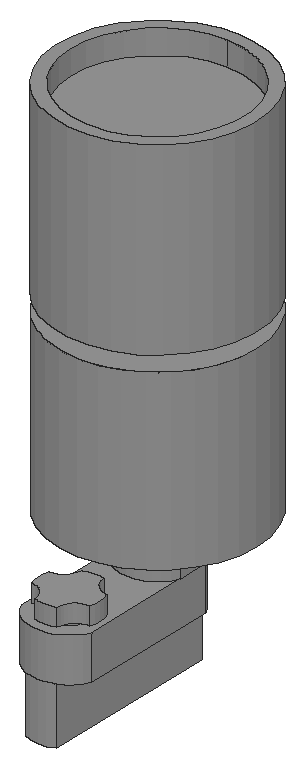
Revit family "Tinka 15W", category Lighting Fixtures, host Face, Revit 2015
Parameters (values of type "Tinka 15W, Neutral White, 230V - 53ER997N015E")
  Wattage Comments = "15W"
  Voltage = 230 V
  URL = "www.winled.fi"
  Type Image = Tinka 15W.png
  Product Number = "53ER997N015E"
  Position Number = ""
  Operating Temperature Range = "-20° to +50°C"
  Model = "Tinka 15W"
  Manufacturer = "Winled Oy Ltd"
  Luminaire Track Angle Install [instance] = if(Luminaire Track Angle Input < -160.00°, -160.00°, (if(Luminaire Track Angle Input > 160.00°, 160.00°, Luminaire Track Angle Input)))  # 0.00°
  Luminaire Track Angle Input [instance] = 0.00°
  Luminaire Angle Install [instance] = (if(Luminaire Angle Input < -90.00°, -90.00°, (if(Luminaire Angle Input > 0.00°, 0.00°, Luminaire Angle Input))))  # 0.00°
  Luminaire Angle Input [instance] = 0.00°
  Lumens Output = "1227lm"
  Light source = Tinka light NV : Tinka light NV
  Lifetime L70 = "50000h"
  Last Updated = "2.3.2017"
  Lamp = "LED"
  IP Code = "IP20"
  Housing Material = "Aluminium"
  Driver = "Integrated"
  Directivity = "Yes"
  Dimmable = "Yes"
  Dimensions = "90mm x 238mm"
  Description = "Tracklight, 3-Circuit Track"
  Depth = "-"
  Default Elevation = 1219.2 mm
  Cutout = "-"
  Color Temperature = "4000K"
  Casing Color = "White"
  CRI = "82"
  Beam Angle = "25°"
Types (3, lengths in mm): name | Product Number | Lumens Output | Light source | Color Temperature
  (no name) | "53ER997N015E" | "1227lm" | Tinka light NV : Tinka light NV | "4000K"
  Tinka 15W, Neutral White, 230V - 53ER997N015E | "53ER997N015E" | "1227lm" | Tinka light NV : Tinka light NV | "4000K"
  Tinka 15W, Warm White, 230V - 53ER997L015E | "53ER997L015E" | "1172lm" | Tinka light LV : Tinka light LV | "3000K"
Reference planes
  plane 1 "Center (Front/Back)": y = 0
  plane 2: z = 0
  plane 3 "Center (Left/Right)": x = 0
Lines and regions (mm)
  symbolic lines
    curve 1: circle (0, -0.5, 0) r 45 normal (0, 0, 1)
    curve 2: line (-31.82, -32.32, 0) -> (31.82, 31.32, 0)
    curve 3: line (-31.82, 31.32, 0) -> (31.82, -32.32, 0)
Dimensions and locks
  aligned and locked: plane 2 to host face
  aligned and locked: level to host face
Nested families
  nested 1: "Tinka 15W valaisin" at (0, -25.416, 0), Luminaire Angle <- "Luminaire Angle Install", Luminaire Track Angle <- "Luminaire Track Angle Install", type "Tinka 15W valaisin"
    with k2 45.00°, k 45.00°, Luminaire Track Angle 0.00°, Luminaire Angle 0.00°, Color none
  nested 2: "Tinka light NV" at (-0.002, -0.003, 226.961) x (0, -1, 0) z (0, 0, 1), type <- "Light source", type "Tinka light NV"
Connectors
  electrical at (0, -25.416, 0)
    settings: on nested 1, index 1, voltage 230 V, apparent load 0 VA, apparent load phase1 15 VA, apparent load phase2 0 VA, apparent load phase3 0 VA, power factor 1, load classification "Lighting", number of poles 1, system type 31, power factor state 1, is connector primary yes, connector utility no, sub classification motor no, connector description ""
Definition of nested family "Tinka 15W valaisin"
  Parameters (values of type "Tinka 15W valaisin")
    k2 [instance] = if(Luminaire Angle < -90.00°, -45.00°, (if(Luminaire Angle > 0.00°, 45.00°, Luminaire Angle + 45.00°)))  # 45.00°
    k [instance] = if(Luminaire Track Angle < -160.00°, -115.00°, (if(Luminaire Track Angle > 160.00°, 205.00°, Luminaire Track Angle + 45.00°)))  # 45.00°
    Luminaire Track Angle [instance] = 0.00°
    Luminaire Angle [instance] = 0.00°
    Color [instance] = none
  Reference planes
    plane 1 "Center (Front/Back)": y = 0
    plane 2: z = 0
    plane 3 "Center (Left/Right)": x = 0
    plane 4: z = 157.5
  Forms (mm)
    Extrusion 1, solid, material <- "Color"
      sketch origin (0, 0, 0) x (1, 0, 0) y (0, 1, 0)
        loop
          line (7, -40.992) -> (7, 40.992)
          arc (7, 40.992) -> (0, 42.416) -> (-7, 40.992) r 17.916
          line (-7, 40.992) -> (-7, -40.992)
          arc (-7, -40.992) -> (0, -42.416) -> (7, -40.992) r 17.916
      from 0 to 26
    Extrusion 2, solid, material <- "Color"
      sketch origin (0, 0, 0) x (1, 0, 0) y (0, 1, 0)
        loop
          arc (16, 32.005) -> (0, 42.416) -> (-16, 32.005) r 17.5
          line (-16, 32.005) -> (-16, -32.005)
          arc (-16, -32.005) -> (0, -42.416) -> (16, -32.005) r 17.5
          line (16, -32.005) -> (16, 32.005)
      from 46 to 26
    Extrusion 3, solid, material <- "Color"
      sketch origin (0, 0, 0) x (1, 0, 0) y (0, 1, 0)
        loop
          arc (16, 32.005) -> (0, 42.416) -> (-16, 32.005) r 17.5
          line (-16, 32.005) -> (-16, 17.828)
          arc (-16, 17.828) -> (0, 7.416) -> (16, 17.828) r 17.5
          line (16, 17.828) -> (16, 32.005)
      from 46 to 54
    Extrusion 4, solid, material <- "Color"
      sketch origin (0, 0, 0) x (1, 0, 0) y (0, 1, 0)
        loop
          circle (0, 24.916) r 13
      from 58 to 54
    Extrusion 5, solid, material <- "Color"
      sketch origin (0, 0, 0) x (1, 0, 0) y (0, 1, 0)
        loop
          circle (0, -24.916) r 10
      from 47 to 46
    Extrusion 6, solid, material <- "Color"
      sketch origin (0, 0, 0) x (1, 0, 0) y (0, 1, 0)
        loop
          arc (-13.077, -29.916) -> (-7.366, -32.282) -> (-5, -37.993) r 8.077
          arc (-5, -37.993) -> (0, -38.916) -> (5, -37.993) r 14
          arc (5, -37.993) -> (7.366, -32.282) -> (13.077, -29.916) r 8.077
          arc (13.077, -29.916) -> (14, -24.916) -> (13.077, -19.916) r 14
          arc (13.077, -19.916) -> (7.366, -17.551) -> (5, -11.84) r 8.077
          arc (5, -11.84) -> (0, -10.916) -> (-5, -11.84) r 14
          arc (-5, -11.84) -> (-7.366, -17.551) -> (-13.077, -19.916) r 8.077
          arc (-13.077, -19.916) -> (-14, -24.916) -> (-13.077, -29.916) r 14
      from 55 to 47
    Extrusion 7, solid
      sketch origin (0, 24.916, 0) x (0.707107, 0.707107, 0) y (-0.707107, 0.707107, 0)
        loop
          circle (0, 0) r 17.5
      from 66 to 58
    Extrusion 8, solid
      sketch origin (0, 24.916, 66) x (0.707107, 0.707107, 0) y (-0.707107, 0.707107, 0)
        loop
          circle (0, 0) r 45
      from 80 to 0
    Extrusion 9, solid
      sketch origin (0, 24.916, 66) x (0.707107, 0.707107, 0) y (-0.707107, 0.707107, 0)
        loop
          line (27.931, 34.295) -> (11.95, 18.314) -> (18.314, 11.95) -> (34.295, 27.931) -> (27.931, 34.295)
      from 80 to 117
  Lines and regions (mm)
    reference lines
      curve 1: line (0, 24.916, 0) -> (13, 24.916, 0)
      curve 2: line (0, 24.916, 0) -> (75.904, 100.821, 0)
      curve 3: line (4.5, 57.616, 184.651) -> (4.5, 57.616, 21.757)
      curve 4: line (4.5, 64.616, 177.651) -> (4.5, 57.616, 177.651)
      curve 5: line (4.5, 57.616, 177.651) -> (4.5, 100.043, 220.077)
  Dimensions and locks
    "k": angle curve 1 to curve 2
    "k2": angle curve 4 to curve 5
    aligned and locked: level to plane 2
    aligned and locked: plane 3 "Center (Left/Right)" to curve 1
    aligned and locked: curve 3 to curve 5
  Automatic sketch dimensions
    Extrusion 1 sketch curve to plane 3 "Center (Left/Right)" = 0 mm  (x2)
    Extrusion 1 sketch curve to plane 3 "Center (Left/Right)" = 7 mm
    plane 3 "Center (Left/Right)" to Extrusion 1 sketch curve = 7 mm
    plane 1 "Center (Front/Back)" to Extrusion 1 sketch curve = 40.992 mm
    Extrusion 1 sketch curve to Extrusion 1 sketch curve = 16.492 mm  (x2)
    Extrusion 1 sketch curve to plane 1 "Center (Front/Back)" = 24.5 mm
    Extrusion 2 sketch curve to plane 3 "Center (Left/Right)" = 0 mm  (x2)
    Extrusion 2 sketch curve to plane 3 "Center (Left/Right)" = 16 mm
    plane 3 "Center (Left/Right)" to Extrusion 2 sketch curve = 16 mm
    plane 1 "Center (Front/Back)" to Extrusion 2 sketch curve = 32.005 mm
    Extrusion 2 sketch curve to Extrusion 2 sketch curve = 7.089 mm  (x2)
    Extrusion 2 sketch curve to plane 1 "Center (Front/Back)" = 24.916 mm
    Extrusion 2 sketch curve to Extrusion 2 sketch curve = 0 mm
    Extrusion 3 sketch curve to Extrusion 3 sketch curve = 0 mm  (x3)
    Extrusion 3 sketch curve to plane 3 "Center (Left/Right)" = 0 mm
    Extrusion 3 sketch curve to plane 3 "Center (Left/Right)" = 16 mm
    plane 3 "Center (Left/Right)" to Extrusion 3 sketch curve = 16 mm
    Extrusion 3 sketch curve to plane 1 "Center (Front/Back)" = 17.828 mm
    Extrusion 3 sketch curve to Extrusion 3 sketch curve = 7.089 mm
    Extrusion 3 sketch curve to Extrusion 3 sketch curve = 14.177 mm
    Extrusion 4 sketch curve to plane 3 "Center (Left/Right)" = 0 mm
    Extrusion 4 sketch curve to plane 1 "Center (Front/Back)" = 24.916 mm
    Extrusion 5 sketch curve to plane 3 "Center (Left/Right)" = 0 mm
    plane 1 "Center (Front/Back)" to Extrusion 5 sketch curve = 24.916 mm
    Extrusion 6 sketch curve to Extrusion 6 sketch curve = 0 mm  (x13)
    Extrusion 6 sketch curve to plane 3 "Center (Left/Right)" = 0 mm
    Extrusion 6 sketch curve to plane 3 "Center (Left/Right)" = 13.077 mm  (x2)
    plane 3 "Center (Left/Right)" to Extrusion 6 sketch curve = 13.077 mm  (x2)
    plane 1 "Center (Front/Back)" to Extrusion 6 sketch curve = 37.993 mm
    Extrusion 6 sketch curve to Extrusion 6 sketch curve = 13.077 mm
    plane 1 "Center (Front/Back)" to Extrusion 6 sketch curve = 11.84 mm
    Extrusion 6 sketch curve to plane 3 "Center (Left/Right)" = 5 mm
    Extrusion 7 sketch curve to curve 2 = 0 mm  (x2)
    Extrusion 9 sketch curve to Extrusion 9 sketch curve = 6.364 mm  (x2)
    Extrusion 9 sketch curve to Extrusion 9 sketch curve = 15.981 mm
    curve 3 to curve 3 = 162.894 mm
    curve 2 to plane 1 "Center (Front/Back)" = 24.916 mm
    curve 3 to curve 5 = 7 mm
    radius of Extrusion 4 sketch curve = 13 mm
    radius of Extrusion 5 sketch curve = 10 mm
    radius of Extrusion 7 sketch curve = 17.5 mm
    radius of Extrusion 7 to Extrusion 8 sketch curve = 27.5 mm
  Nested families
    nested 1: "Family2" at (4.5, 69.916, 152.961) x (0, 0, 1) z (1, 0, 0), type "Family2"
  Definition of nested family "Family2"
    Parameters (values of type "Family2")
      Default Elevation = 1219.2 mm
    Reference planes
      plane 1 "Center (Front/Back)": y = 0
      plane 2: z = 0
      plane 3 "Center (Left/Right)": x = 0
    Forms (mm)
      Extrusion 1, solid
        sketch origin (0, 0, 0) x (1, 0, 0) y (0, 1, 0)
          loop
            line (-1219.2, 1219.2) -> (-1219.2, -1219.2) -> (1219.2, -1219.2) -> (1219.2, 1219.2) -> (-1219.2, 1219.2)
        from 0 to -304.8
      Extrusion 2, solid
        sketch origin (0, 0, 2.5) x (0, 1, 0) y (0, 0, 1)
          loop
            line (0.548, 0) -> (23.6, 0) -> (23.6, -14) -> (0.548, -14)
            arc (0.548, -14) -> (90, -7) -> (0.548, 0) r 45
        from 0 to 85
      Extrusion 3, solid
        sketch origin (0, 0, 0) x (0, 1, 0) y (0, 0, 1)
          loop
            line (24.601, -11.5) -> (24.601, 2.5) -> (0.687, 2.5) -> (0.687, 0) -> (23.6, 0) -> (23.6, -4.5) -> (23.6, -9) -> (0.687, -9) -> (0.687, -11.5) -> (24.601, -11.5)
        from 0 to 37
      Extrusion 4, solid
        sketch origin (0, 0, 0) x (0, 1, 0) y (0, 0, 1)
          loop
            line (24.601, 2.5) -> (0.548, 2.5)
            arc (0.548, 2.5) -> (0, -4.5) -> (0.548, -11.5) r 45
            line (0.548, -11.5) -> (24.601, -11.5) -> (24.601, 2.5)
        from 37 to 85
      Extrusion 5, void
        sketch origin (0, 0, 0) x (0, 1, 0) y (0, 0, 1)
          loop
            circle (45, -4.5) r 39.3
        from 74 to 85
    Cuts and joins
      Extrusion 5 cuts Extrusion 2
      Extrusion 5 cuts Extrusion 4
      joined: Extrusion 2, Extrusion 4
    Dimensions and locks
      aligned and locked: plane 2 to Extrusion 1
      aligned and locked: level to Extrusion 1
Definition of nested family "Tinka light NV"
  Parameters (values of type "Tinka light NV")
    Wattage Comments = "7W"
    Wattage = 15 W
    built-in parameter 1150110 = 1 (stored number, unit not read)
    built-in parameter 1114217 = 1 (stored number, unit not read)
    Tilt Angle = -90.00°
    built-in parameter 1150109 = 1 (stored number, unit not read)
    built-in parameter 1150134 = 12
    built-in parameter 1150113 = 1 (stored number, unit not read)
    Photometric Web File = "Tinka 15W NV.ies"
    built-in parameter 1150105 = 5690.4 (stored number, unit not read)
    Lumens = 1227 lm
    built-in parameter 1150115 = 1 (stored number, unit not read)
    built-in parameter 1150137 = (empty or 0)
    built-in parameter 1150139 = (empty or 0)
    built-in parameter 1150112 = 1 (stored number, unit not read)
    built-in parameter 1150114 = 1 (stored number, unit not read)
    Lamp = "LED"
    built-in parameter 1150132 = (empty or 0)
    built-in parameter 1150102 = (empty or 0)
    built-in parameter 1150107 = 4000 (stored number, unit not read)
    built-in parameter 1150138 = (empty or 0)
    built-in parameter 1150106 = 56.904 (stored number, unit not read)
    built-in parameter 1150104 = 7.5995 (stored number, unit not read)
    Dimming Lamp Color Temperature Shift = (empty or 0)
    Default Elevation = 1219.2 mm
    Color Filter = 16777215
    built-in parameter 1114218 = 1 (stored number, unit not read)
    built-in parameter 1150133 = 10 (stored number, unit not read)
  Reference planes
    plane 1 "Center (Front/Back)": y = 0
    plane 2: z = 0
    plane 3 "Center (Left/Right)": x = 0
  Forms (mm)
    Extrusion 1, solid
      sketch origin (0, 0, 0) x (1, 0, 0) y (0, 1, 0)
        loop
          line (-1219.2, 1219.2) -> (-1219.2, -1219.2) -> (1219.2, -1219.2) -> (1219.2, 1219.2) -> (-1219.2, 1219.2)
      from 0 to -304.8
  Dimensions and locks
    aligned and locked: plane 2 to Extrusion 1
    aligned and locked: level to Extrusion 1
